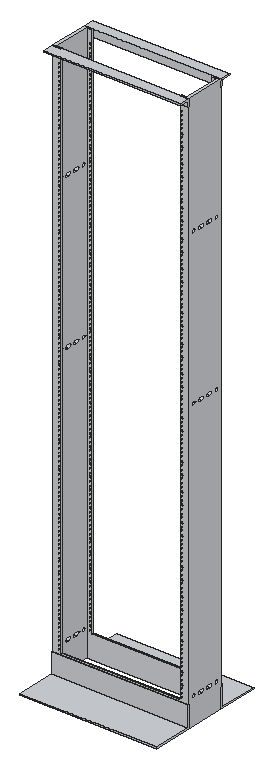
Revit family
Parameters
  Material ID = "760090134"
  Description = "6 IN (152 MM) CHANNEL x 7 FT (2134 MM) H - 19 IN (482.6 MM) STEEL EQUIPMENT RACK (45U) 3/8 SQ PUNCH, BLACK"
Reference planes (in)
  plane 1 "Center (Front/Back)": y = 0
  plane 2: z = 0
  plane 3 "Center (Left/Right)": x = 0
Forms (in)
  Extrusion 1, solid, not visible
    sketch origin (0, -14.305, 0) x (1, 0, 0) y (0, 0, 1)
      loop
        line (-8.5516, 0.86) -> (-8.5516, 0.46) -> (-7.9516, 0.46) -> (-7.9516, 0.86) -> (-8.5516, 0.86)
    from 0 to 0.77696
  Extrusion 2, solid
    sketch origin (0, 0, 0) x (1, 0, 0) y (0, 0, 1)
      loop
        line (-10.155, 30) -> (-10.155, -54) -> (10.155, -54) -> (10.155, 30) -> (0, 30) -> (-10.155, 30)
    from 0 to 6
  Extrusion 3, void
    sketch origin (0, 0, 0) x (1, 0, 0) y (0, 0, 1)
      loop
        line (-8.905, 40.855) -> (-8.905, -50.62) -> (8.905, -50.62) -> (8.905, 40.855) -> (-8.905, 40.855)
    from 0 to 36
  Extrusion 4, void
    sketch origin (0, 0, 0) x (0, 1, 0) y (0, 0, 1)
      loop
        line (-0.2, 59.72052) -> (-5.8, 59.72052) -> (-5.8, -66.46573) -> (-0.2, -66.46573) -> (-0.2, 59.72052)
    from -9.61605 to 9.71756
  Extrusion 5, solid
    sketch origin (0, 0, -24) x (0, 1, 0) y (0, 0, 1)
      loop
        line (-6, -30) -> (-6, -26.8) -> (-6.2, -26.8) -> (-6.2, -29.8) -> (-12, -29.8) -> (-12, -30) -> (-6, -30)
      loop
        line (-6, 54) -> (-7.575, 54) -> (-7.575, 53.8) -> (-6.2, 53.8) -> (-6.2, 52.94396) -> (-6, 52.94396) -> (-6, 54)
      loop
        line (0, 54) -> (0, 52.94396) -> (0.2, 52.94396) -> (0.2, 53.8) -> (1.575, 53.8) -> (1.575, 54) -> (0, 54)
      loop
        line (0, -30) -> (6, -30) -> (6, -29.8) -> (0.2, -29.8) -> (0.2, -26.8) -> (0, -26.8) -> (0, -30)
    from -10.155 to 10.155
  Extrusion 6, void
    sketch origin (0, 0, 0) x (0, 1, 0) y (0, 0, 1)
      loop
        arc (-2.5, -49.656) -> (-2.844, -50) -> (-2.5, -50.344) r 0.344
        line (-2.5, -50.344) -> (-2, -50.344)
        arc (-2, -50.344) -> (-1.656, -50) -> (-2, -49.656) r 0.344
        line (-2, -49.656) -> (-2.5, -49.656)
      loop
        circle (-0.8775, -50) r 0.335
      loop
        line (-3.5, -49.656) -> (-4, -49.656)
        arc (-4, -49.656) -> (-4.344, -50) -> (-4, -50.344) r 0.344
        line (-4, -50.344) -> (-3.5, -50.344)
        arc (-3.5, -50.344) -> (-3.156, -50) -> (-3.5, -49.656) r 0.344
      loop
        circle (-5.1225, -50) r 0.335
      loop
        arc (-2.5, -10.656) -> (-2.844, -11) -> (-2.5, -11.344) r 0.344
        line (-2.5, -11.344) -> (-2, -11.344)
        arc (-2, -11.344) -> (-1.656, -11) -> (-2, -10.656) r 0.344
        line (-2, -10.656) -> (-2.5, -10.656)
      loop
        circle (-0.8775, -11) r 0.335
      loop
        line (-3.5, -10.656) -> (-4, -10.656)
        arc (-4, -10.656) -> (-4.344, -11) -> (-4, -11.344) r 0.344
        line (-4, -11.344) -> (-3.5, -11.344)
        arc (-3.5, -11.344) -> (-3.156, -11) -> (-3.5, -10.656) r 0.344
      loop
        circle (-5.1225, -11) r 0.335
      loop
        arc (-2.5, 12.344) -> (-2.844, 12) -> (-2.5, 11.656) r 0.344
        line (-2.5, 11.656) -> (-2, 11.656)
        arc (-2, 11.656) -> (-1.656, 12) -> (-2, 12.344) r 0.344
        line (-2, 12.344) -> (-2.5, 12.344)
      loop
        circle (-0.8775, 12) r 0.335
      loop
        line (-3.5, 12.344) -> (-4, 12.344)
        arc (-4, 12.344) -> (-4.344, 12) -> (-4, 11.656) r 0.344
        line (-4, 11.656) -> (-3.5, 11.656)
        arc (-3.5, 11.656) -> (-3.156, 12) -> (-3.5, 12.344) r 0.344
      loop
        circle (-5.1225, 12) r 0.335
    from -24.88707 to 25.18322
  Extrusion 7, void
    sketch origin (0, 0, -26.25) x (1, 0, 0) y (0, 0, 1)
      loop
        line (-9.175, -22.6395) -> (-9.264, -22.6395) -> (-9.264, -22.7285) -> (-9.264, -22.8175) -> (-9.175, -22.8175) -> (-9.086, -22.8175) -> (-9.086, -22.6395) -> (-9.175, -22.6395)
      loop
        line (-9.175, -23.2645) -> (-9.264, -23.2645) -> (-9.264, -23.3535) -> (-9.264, -23.4425) -> (-9.175, -23.4425) -> (-9.086, -23.4425) -> (-9.086, -23.2645) -> (-9.175, -23.2645)
      loop
        line (-9.175, -23.8895) -> (-9.264, -23.8895) -> (-9.264, -23.9785) -> (-9.264, -24.0675) -> (-9.175, -24.0675) -> (-9.086, -24.0675) -> (-9.086, -23.8895) -> (-9.175, -23.8895)
      loop
        line (9.175, -22.6395) -> (9.086, -22.6395) -> (9.086, -22.8175) -> (9.175, -22.8175) -> (9.264, -22.8175) -> (9.264, -22.7285) -> (9.264, -22.6395) -> (9.175, -22.6395)
      loop
        line (9.175, -23.2645) -> (9.086, -23.2645) -> (9.086, -23.4425) -> (9.175, -23.4425) -> (9.264, -23.4425) -> (9.264, -23.3535) -> (9.264, -23.2645) -> (9.175, -23.2645)
      loop
        line (9.175, -23.8895) -> (9.086, -23.8895) -> (9.086, -24.0675) -> (9.175, -24.0675) -> (9.264, -24.0675) -> (9.264, -23.9785) -> (9.264, -23.8895) -> (9.175, -23.8895)
    from 0 to 36
  Extrusion 8, void
    sketch origin (0, 0, -24.5) x (1, 0, 0) y (0, 0, 1)
      loop
        line (-9.175, -22.6395) -> (-9.264, -22.6395) -> (-9.264, -22.7285) -> (-9.264, -22.8175) -> (-9.175, -22.8175) -> (-9.086, -22.8175) -> (-9.086, -22.6395) -> (-9.175, -22.6395)
      loop
        line (-9.175, -23.2645) -> (-9.264, -23.2645) -> (-9.264, -23.3535) -> (-9.264, -23.4425) -> (-9.175, -23.4425) -> (-9.086, -23.4425) -> (-9.086, -23.2645) -> (-9.175, -23.2645)
      loop
        line (-9.175, -23.8895) -> (-9.264, -23.8895) -> (-9.264, -23.9785) -> (-9.264, -24.0675) -> (-9.175, -24.0675) -> (-9.086, -24.0675) -> (-9.086, -23.8895) -> (-9.175, -23.8895)
      loop
        line (9.175, -22.6395) -> (9.086, -22.6395) -> (9.086, -22.8175) -> (9.175, -22.8175) -> (9.264, -22.8175) -> (9.264, -22.7285) -> (9.264, -22.6395) -> (9.175, -22.6395)
      loop
        line (9.175, -23.2645) -> (9.086, -23.2645) -> (9.086, -23.4425) -> (9.175, -23.4425) -> (9.264, -23.4425) -> (9.264, -23.3535) -> (9.264, -23.2645) -> (9.175, -23.2645)
      loop
        line (9.175, -23.8895) -> (9.086, -23.8895) -> (9.086, -24.0675) -> (9.175, -24.0675) -> (9.264, -24.0675) -> (9.264, -23.9785) -> (9.264, -23.8895) -> (9.175, -23.8895)
    from 0 to 36
  Extrusion 9, void
    sketch origin (0, 0, -22.75) x (1, 0, 0) y (0, 0, 1)
      loop
        line (-9.175, -22.6395) -> (-9.264, -22.6395) -> (-9.264, -22.7285) -> (-9.264, -22.8175) -> (-9.175, -22.8175) -> (-9.086, -22.8175) -> (-9.086, -22.6395) -> (-9.175, -22.6395)
      loop
        line (-9.175, -23.2645) -> (-9.264, -23.2645) -> (-9.264, -23.3535) -> (-9.264, -23.4425) -> (-9.175, -23.4425) -> (-9.086, -23.4425) -> (-9.086, -23.2645) -> (-9.175, -23.2645)
      loop
        line (-9.175, -23.8895) -> (-9.264, -23.8895) -> (-9.264, -23.9785) -> (-9.264, -24.0675) -> (-9.175, -24.0675) -> (-9.086, -24.0675) -> (-9.086, -23.8895) -> (-9.175, -23.8895)
      loop
        line (9.175, -22.6395) -> (9.086, -22.6395) -> (9.086, -22.8175) -> (9.175, -22.8175) -> (9.264, -22.8175) -> (9.264, -22.7285) -> (9.264, -22.6395) -> (9.175, -22.6395)
      loop
        line (9.175, -23.2645) -> (9.086, -23.2645) -> (9.086, -23.4425) -> (9.175, -23.4425) -> (9.264, -23.4425) -> (9.264, -23.3535) -> (9.264, -23.2645) -> (9.175, -23.2645)
      loop
        line (9.175, -23.8895) -> (9.086, -23.8895) -> (9.086, -24.0675) -> (9.175, -24.0675) -> (9.264, -24.0675) -> (9.264, -23.9785) -> (9.264, -23.8895) -> (9.175, -23.8895)
    from 0 to 36
  Extrusion 10, void
    sketch origin (0, 0, -21) x (1, 0, 0) y (0, 0, 1)
      loop
        line (-9.175, -22.6395) -> (-9.264, -22.6395) -> (-9.264, -22.7285) -> (-9.264, -22.8175) -> (-9.175, -22.8175) -> (-9.086, -22.8175) -> (-9.086, -22.6395) -> (-9.175, -22.6395)
      loop
        line (-9.175, -23.2645) -> (-9.264, -23.2645) -> (-9.264, -23.3535) -> (-9.264, -23.4425) -> (-9.175, -23.4425) -> (-9.086, -23.4425) -> (-9.086, -23.2645) -> (-9.175, -23.2645)
      loop
        line (-9.175, -23.8895) -> (-9.264, -23.8895) -> (-9.264, -23.9785) -> (-9.264, -24.0675) -> (-9.175, -24.0675) -> (-9.086, -24.0675) -> (-9.086, -23.8895) -> (-9.175, -23.8895)
      loop
        line (9.175, -22.6395) -> (9.086, -22.6395) -> (9.086, -22.8175) -> (9.175, -22.8175) -> (9.264, -22.8175) -> (9.264, -22.7285) -> (9.264, -22.6395) -> (9.175, -22.6395)
      loop
        line (9.175, -23.2645) -> (9.086, -23.2645) -> (9.086, -23.4425) -> (9.175, -23.4425) -> (9.264, -23.4425) -> (9.264, -23.3535) -> (9.264, -23.2645) -> (9.175, -23.2645)
      loop
        line (9.175, -23.8895) -> (9.086, -23.8895) -> (9.086, -24.0675) -> (9.175, -24.0675) -> (9.264, -24.0675) -> (9.264, -23.9785) -> (9.264, -23.8895) -> (9.175, -23.8895)
    from 0 to 36
  Extrusion 11, void
    sketch origin (0, 0, -19.25) x (1, 0, 0) y (0, 0, 1)
      loop
        line (-9.175, -22.6395) -> (-9.264, -22.6395) -> (-9.264, -22.7285) -> (-9.264, -22.8175) -> (-9.175, -22.8175) -> (-9.086, -22.8175) -> (-9.086, -22.6395) -> (-9.175, -22.6395)
      loop
        line (-9.175, -23.2645) -> (-9.264, -23.2645) -> (-9.264, -23.3535) -> (-9.264, -23.4425) -> (-9.175, -23.4425) -> (-9.086, -23.4425) -> (-9.086, -23.2645) -> (-9.175, -23.2645)
      loop
        line (-9.175, -23.8895) -> (-9.264, -23.8895) -> (-9.264, -23.9785) -> (-9.264, -24.0675) -> (-9.175, -24.0675) -> (-9.086, -24.0675) -> (-9.086, -23.8895) -> (-9.175, -23.8895)
      loop
        line (9.175, -22.6395) -> (9.086, -22.6395) -> (9.086, -22.8175) -> (9.175, -22.8175) -> (9.264, -22.8175) -> (9.264, -22.7285) -> (9.264, -22.6395) -> (9.175, -22.6395)
      loop
        line (9.175, -23.2645) -> (9.086, -23.2645) -> (9.086, -23.4425) -> (9.175, -23.4425) -> (9.264, -23.4425) -> (9.264, -23.3535) -> (9.264, -23.2645) -> (9.175, -23.2645)
      loop
        line (9.175, -23.8895) -> (9.086, -23.8895) -> (9.086, -24.0675) -> (9.175, -24.0675) -> (9.264, -24.0675) -> (9.264, -23.9785) -> (9.264, -23.8895) -> (9.175, -23.8895)
    from 0 to 36
  Extrusion 12, void
    sketch origin (0, 0, -17.5) x (1, 0, 0) y (0, 0, 1)
      loop
        line (-9.175, -22.6395) -> (-9.264, -22.6395) -> (-9.264, -22.7285) -> (-9.264, -22.8175) -> (-9.175, -22.8175) -> (-9.086, -22.8175) -> (-9.086, -22.6395) -> (-9.175, -22.6395)
      loop
        line (-9.175, -23.2645) -> (-9.264, -23.2645) -> (-9.264, -23.3535) -> (-9.264, -23.4425) -> (-9.175, -23.4425) -> (-9.086, -23.4425) -> (-9.086, -23.2645) -> (-9.175, -23.2645)
      loop
        line (-9.175, -23.8895) -> (-9.264, -23.8895) -> (-9.264, -23.9785) -> (-9.264, -24.0675) -> (-9.175, -24.0675) -> (-9.086, -24.0675) -> (-9.086, -23.8895) -> (-9.175, -23.8895)
      loop
        line (9.175, -22.6395) -> (9.086, -22.6395) -> (9.086, -22.8175) -> (9.175, -22.8175) -> (9.264, -22.8175) -> (9.264, -22.7285) -> (9.264, -22.6395) -> (9.175, -22.6395)
      loop
        line (9.175, -23.2645) -> (9.086, -23.2645) -> (9.086, -23.4425) -> (9.175, -23.4425) -> (9.264, -23.4425) -> (9.264, -23.3535) -> (9.264, -23.2645) -> (9.175, -23.2645)
      loop
        line (9.175, -23.8895) -> (9.086, -23.8895) -> (9.086, -24.0675) -> (9.175, -24.0675) -> (9.264, -24.0675) -> (9.264, -23.9785) -> (9.264, -23.8895) -> (9.175, -23.8895)
    from 0 to 36
  Extrusion 13, void
    sketch origin (0, 0, -15.75) x (1, 0, 0) y (0, 0, 1)
      loop
        line (-9.175, -22.6395) -> (-9.264, -22.6395) -> (-9.264, -22.7285) -> (-9.264, -22.8175) -> (-9.175, -22.8175) -> (-9.086, -22.8175) -> (-9.086, -22.6395) -> (-9.175, -22.6395)
      loop
        line (-9.175, -23.2645) -> (-9.264, -23.2645) -> (-9.264, -23.3535) -> (-9.264, -23.4425) -> (-9.175, -23.4425) -> (-9.086, -23.4425) -> (-9.086, -23.2645) -> (-9.175, -23.2645)
      loop
        line (-9.175, -23.8895) -> (-9.264, -23.8895) -> (-9.264, -23.9785) -> (-9.264, -24.0675) -> (-9.175, -24.0675) -> (-9.086, -24.0675) -> (-9.086, -23.8895) -> (-9.175, -23.8895)
      loop
        line (9.175, -22.6395) -> (9.086, -22.6395) -> (9.086, -22.8175) -> (9.175, -22.8175) -> (9.264, -22.8175) -> (9.264, -22.7285) -> (9.264, -22.6395) -> (9.175, -22.6395)
      loop
        line (9.175, -23.2645) -> (9.086, -23.2645) -> (9.086, -23.4425) -> (9.175, -23.4425) -> (9.264, -23.4425) -> (9.264, -23.3535) -> (9.264, -23.2645) -> (9.175, -23.2645)
      loop
        line (9.175, -23.8895) -> (9.086, -23.8895) -> (9.086, -24.0675) -> (9.175, -24.0675) -> (9.264, -24.0675) -> (9.264, -23.9785) -> (9.264, -23.8895) -> (9.175, -23.8895)
    from 0 to 36
  Extrusion 14, void
    sketch origin (0, 0, -14) x (1, 0, 0) y (0, 0, 1)
      loop
        line (-9.175, -22.6395) -> (-9.264, -22.6395) -> (-9.264, -22.7285) -> (-9.264, -22.8175) -> (-9.175, -22.8175) -> (-9.086, -22.8175) -> (-9.086, -22.6395) -> (-9.175, -22.6395)
      loop
        line (-9.175, -23.2645) -> (-9.264, -23.2645) -> (-9.264, -23.3535) -> (-9.264, -23.4425) -> (-9.175, -23.4425) -> (-9.086, -23.4425) -> (-9.086, -23.2645) -> (-9.175, -23.2645)
      loop
        line (-9.175, -23.8895) -> (-9.264, -23.8895) -> (-9.264, -23.9785) -> (-9.264, -24.0675) -> (-9.175, -24.0675) -> (-9.086, -24.0675) -> (-9.086, -23.8895) -> (-9.175, -23.8895)
      loop
        line (9.175, -22.6395) -> (9.086, -22.6395) -> (9.086, -22.8175) -> (9.175, -22.8175) -> (9.264, -22.8175) -> (9.264, -22.7285) -> (9.264, -22.6395) -> (9.175, -22.6395)
      loop
        line (9.175, -23.2645) -> (9.086, -23.2645) -> (9.086, -23.4425) -> (9.175, -23.4425) -> (9.264, -23.4425) -> (9.264, -23.3535) -> (9.264, -23.2645) -> (9.175, -23.2645)
      loop
        line (9.175, -23.8895) -> (9.086, -23.8895) -> (9.086, -24.0675) -> (9.175, -24.0675) -> (9.264, -24.0675) -> (9.264, -23.9785) -> (9.264, -23.8895) -> (9.175, -23.8895)
    from 0 to 36
  Extrusion 15, void
    sketch origin (0, 0, -12.25) x (1, 0, 0) y (0, 0, 1)
      loop
        line (-9.175, -22.6395) -> (-9.264, -22.6395) -> (-9.264, -22.7285) -> (-9.264, -22.8175) -> (-9.175, -22.8175) -> (-9.086, -22.8175) -> (-9.086, -22.6395) -> (-9.175, -22.6395)
      loop
        line (-9.175, -23.2645) -> (-9.264, -23.2645) -> (-9.264, -23.3535) -> (-9.264, -23.4425) -> (-9.175, -23.4425) -> (-9.086, -23.4425) -> (-9.086, -23.2645) -> (-9.175, -23.2645)
      loop
        line (-9.175, -23.8895) -> (-9.264, -23.8895) -> (-9.264, -23.9785) -> (-9.264, -24.0675) -> (-9.175, -24.0675) -> (-9.086, -24.0675) -> (-9.086, -23.8895) -> (-9.175, -23.8895)
      loop
        line (9.175, -22.6395) -> (9.086, -22.6395) -> (9.086, -22.8175) -> (9.175, -22.8175) -> (9.264, -22.8175) -> (9.264, -22.7285) -> (9.264, -22.6395) -> (9.175, -22.6395)
      loop
        line (9.175, -23.2645) -> (9.086, -23.2645) -> (9.086, -23.4425) -> (9.175, -23.4425) -> (9.264, -23.4425) -> (9.264, -23.3535) -> (9.264, -23.2645) -> (9.175, -23.2645)
      loop
        line (9.175, -23.8895) -> (9.086, -23.8895) -> (9.086, -24.0675) -> (9.175, -24.0675) -> (9.264, -24.0675) -> (9.264, -23.9785) -> (9.264, -23.8895) -> (9.175, -23.8895)
    from 0 to 36
  Extrusion 16, void
    sketch origin (0, 0, -10.5) x (1, 0, 0) y (0, 0, 1)
      loop
        line (-9.175, -22.6395) -> (-9.264, -22.6395) -> (-9.264, -22.7285) -> (-9.264, -22.8175) -> (-9.175, -22.8175) -> (-9.086, -22.8175) -> (-9.086, -22.6395) -> (-9.175, -22.6395)
      loop
        line (-9.175, -23.2645) -> (-9.264, -23.2645) -> (-9.264, -23.3535) -> (-9.264, -23.4425) -> (-9.175, -23.4425) -> (-9.086, -23.4425) -> (-9.086, -23.2645) -> (-9.175, -23.2645)
      loop
        line (-9.175, -23.8895) -> (-9.264, -23.8895) -> (-9.264, -23.9785) -> (-9.264, -24.0675) -> (-9.175, -24.0675) -> (-9.086, -24.0675) -> (-9.086, -23.8895) -> (-9.175, -23.8895)
      loop
        line (9.175, -22.6395) -> (9.086, -22.6395) -> (9.086, -22.8175) -> (9.175, -22.8175) -> (9.264, -22.8175) -> (9.264, -22.7285) -> (9.264, -22.6395) -> (9.175, -22.6395)
      loop
        line (9.175, -23.2645) -> (9.086, -23.2645) -> (9.086, -23.4425) -> (9.175, -23.4425) -> (9.264, -23.4425) -> (9.264, -23.3535) -> (9.264, -23.2645) -> (9.175, -23.2645)
      loop
        line (9.175, -23.8895) -> (9.086, -23.8895) -> (9.086, -24.0675) -> (9.175, -24.0675) -> (9.264, -24.0675) -> (9.264, -23.9785) -> (9.264, -23.8895) -> (9.175, -23.8895)
    from 0 to 36
  Extrusion 17, void
    sketch origin (0, 0, -8.75) x (1, 0, 0) y (0, 0, 1)
      loop
        line (-9.175, -22.6395) -> (-9.264, -22.6395) -> (-9.264, -22.7285) -> (-9.264, -22.8175) -> (-9.175, -22.8175) -> (-9.086, -22.8175) -> (-9.086, -22.6395) -> (-9.175, -22.6395)
      loop
        line (-9.175, -23.2645) -> (-9.264, -23.2645) -> (-9.264, -23.3535) -> (-9.264, -23.4425) -> (-9.175, -23.4425) -> (-9.086, -23.4425) -> (-9.086, -23.2645) -> (-9.175, -23.2645)
      loop
        line (-9.175, -23.8895) -> (-9.264, -23.8895) -> (-9.264, -23.9785) -> (-9.264, -24.0675) -> (-9.175, -24.0675) -> (-9.086, -24.0675) -> (-9.086, -23.8895) -> (-9.175, -23.8895)
      loop
        line (9.175, -22.6395) -> (9.086, -22.6395) -> (9.086, -22.8175) -> (9.175, -22.8175) -> (9.264, -22.8175) -> (9.264, -22.7285) -> (9.264, -22.6395) -> (9.175, -22.6395)
      loop
        line (9.175, -23.2645) -> (9.086, -23.2645) -> (9.086, -23.4425) -> (9.175, -23.4425) -> (9.264, -23.4425) -> (9.264, -23.3535) -> (9.264, -23.2645) -> (9.175, -23.2645)
      loop
        line (9.175, -23.8895) -> (9.086, -23.8895) -> (9.086, -24.0675) -> (9.175, -24.0675) -> (9.264, -24.0675) -> (9.264, -23.9785) -> (9.264, -23.8895) -> (9.175, -23.8895)
    from 0 to 36
  Extrusion 18, void
    sketch origin (0, 0, -7) x (1, 0, 0) y (0, 0, 1)
      loop
        line (-9.175, -22.6395) -> (-9.264, -22.6395) -> (-9.264, -22.7285) -> (-9.264, -22.8175) -> (-9.175, -22.8175) -> (-9.086, -22.8175) -> (-9.086, -22.6395) -> (-9.175, -22.6395)
      loop
        line (-9.175, -23.2645) -> (-9.264, -23.2645) -> (-9.264, -23.3535) -> (-9.264, -23.4425) -> (-9.175, -23.4425) -> (-9.086, -23.4425) -> (-9.086, -23.2645) -> (-9.175, -23.2645)
      loop
        line (-9.175, -23.8895) -> (-9.264, -23.8895) -> (-9.264, -23.9785) -> (-9.264, -24.0675) -> (-9.175, -24.0675) -> (-9.086, -24.0675) -> (-9.086, -23.8895) -> (-9.175, -23.8895)
      loop
        line (9.175, -22.6395) -> (9.086, -22.6395) -> (9.086, -22.8175) -> (9.175, -22.8175) -> (9.264, -22.8175) -> (9.264, -22.7285) -> (9.264, -22.6395) -> (9.175, -22.6395)
      loop
        line (9.175, -23.2645) -> (9.086, -23.2645) -> (9.086, -23.4425) -> (9.175, -23.4425) -> (9.264, -23.4425) -> (9.264, -23.3535) -> (9.264, -23.2645) -> (9.175, -23.2645)
      loop
        line (9.175, -23.8895) -> (9.086, -23.8895) -> (9.086, -24.0675) -> (9.175, -24.0675) -> (9.264, -24.0675) -> (9.264, -23.9785) -> (9.264, -23.8895) -> (9.175, -23.8895)
    from 0 to 36
  Extrusion 19, void
    sketch origin (0, 0, -5.25) x (1, 0, 0) y (0, 0, 1)
      loop
        line (-9.175, -22.6395) -> (-9.264, -22.6395) -> (-9.264, -22.7285) -> (-9.264, -22.8175) -> (-9.175, -22.8175) -> (-9.086, -22.8175) -> (-9.086, -22.6395) -> (-9.175, -22.6395)
      loop
        line (-9.175, -23.2645) -> (-9.264, -23.2645) -> (-9.264, -23.3535) -> (-9.264, -23.4425) -> (-9.175, -23.4425) -> (-9.086, -23.4425) -> (-9.086, -23.2645) -> (-9.175, -23.2645)
      loop
        line (-9.175, -23.8895) -> (-9.264, -23.8895) -> (-9.264, -23.9785) -> (-9.264, -24.0675) -> (-9.175, -24.0675) -> (-9.086, -24.0675) -> (-9.086, -23.8895) -> (-9.175, -23.8895)
      loop
        line (9.175, -22.6395) -> (9.086, -22.6395) -> (9.086, -22.8175) -> (9.175, -22.8175) -> (9.264, -22.8175) -> (9.264, -22.7285) -> (9.264, -22.6395) -> (9.175, -22.6395)
      loop
        line (9.175, -23.2645) -> (9.086, -23.2645) -> (9.086, -23.4425) -> (9.175, -23.4425) -> (9.264, -23.4425) -> (9.264, -23.3535) -> (9.264, -23.2645) -> (9.175, -23.2645)
      loop
        line (9.175, -23.8895) -> (9.086, -23.8895) -> (9.086, -24.0675) -> (9.175, -24.0675) -> (9.264, -24.0675) -> (9.264, -23.9785) -> (9.264, -23.8895) -> (9.175, -23.8895)
    from 0 to 36
  Extrusion 20, void
    sketch origin (0, 0, -3.5) x (1, 0, 0) y (0, 0, 1)
      loop
        line (-9.175, -22.6395) -> (-9.264, -22.6395) -> (-9.264, -22.7285) -> (-9.264, -22.8175) -> (-9.175, -22.8175) -> (-9.086, -22.8175) -> (-9.086, -22.6395) -> (-9.175, -22.6395)
      loop
        line (-9.175, -23.2645) -> (-9.264, -23.2645) -> (-9.264, -23.3535) -> (-9.264, -23.4425) -> (-9.175, -23.4425) -> (-9.086, -23.4425) -> (-9.086, -23.2645) -> (-9.175, -23.2645)
      loop
        line (-9.175, -23.8895) -> (-9.264, -23.8895) -> (-9.264, -23.9785) -> (-9.264, -24.0675) -> (-9.175, -24.0675) -> (-9.086, -24.0675) -> (-9.086, -23.8895) -> (-9.175, -23.8895)
      loop
        line (9.175, -22.6395) -> (9.086, -22.6395) -> (9.086, -22.8175) -> (9.175, -22.8175) -> (9.264, -22.8175) -> (9.264, -22.7285) -> (9.264, -22.6395) -> (9.175, -22.6395)
      loop
        line (9.175, -23.2645) -> (9.086, -23.2645) -> (9.086, -23.4425) -> (9.175, -23.4425) -> (9.264, -23.4425) -> (9.264, -23.3535) -> (9.264, -23.2645) -> (9.175, -23.2645)
      loop
        line (9.175, -23.8895) -> (9.086, -23.8895) -> (9.086, -24.0675) -> (9.175, -24.0675) -> (9.264, -24.0675) -> (9.264, -23.9785) -> (9.264, -23.8895) -> (9.175, -23.8895)
    from 0 to 36
  Extrusion 21, void
    sketch origin (0, 0, -1.75) x (1, 0, 0) y (0, 0, 1)
      loop
        line (-9.175, -22.6395) -> (-9.264, -22.6395) -> (-9.264, -22.7285) -> (-9.264, -22.8175) -> (-9.175, -22.8175) -> (-9.086, -22.8175) -> (-9.086, -22.6395) -> (-9.175, -22.6395)
      loop
        line (-9.175, -23.2645) -> (-9.264, -23.2645) -> (-9.264, -23.3535) -> (-9.264, -23.4425) -> (-9.175, -23.4425) -> (-9.086, -23.4425) -> (-9.086, -23.2645) -> (-9.175, -23.2645)
      loop
        line (-9.175, -23.8895) -> (-9.264, -23.8895) -> (-9.264, -23.9785) -> (-9.264, -24.0675) -> (-9.175, -24.0675) -> (-9.086, -24.0675) -> (-9.086, -23.8895) -> (-9.175, -23.8895)
      loop
        line (9.175, -22.6395) -> (9.086, -22.6395) -> (9.086, -22.8175) -> (9.175, -22.8175) -> (9.264, -22.8175) -> (9.264, -22.7285) -> (9.264, -22.6395) -> (9.175, -22.6395)
      loop
        line (9.175, -23.2645) -> (9.086, -23.2645) -> (9.086, -23.4425) -> (9.175, -23.4425) -> (9.264, -23.4425) -> (9.264, -23.3535) -> (9.264, -23.2645) -> (9.175, -23.2645)
      loop
        line (9.175, -23.8895) -> (9.086, -23.8895) -> (9.086, -24.0675) -> (9.175, -24.0675) -> (9.264, -24.0675) -> (9.264, -23.9785) -> (9.264, -23.8895) -> (9.175, -23.8895)
    from 0 to 36
  Extrusion 22, void
    sketch origin (0, 0, 0) x (1, 0, 0) y (0, 0, 1)
      loop
        line (-9.175, -22.6395) -> (-9.264, -22.6395) -> (-9.264, -22.7285) -> (-9.264, -22.8175) -> (-9.175, -22.8175) -> (-9.086, -22.8175) -> (-9.086, -22.6395) -> (-9.175, -22.6395)
      loop
        line (-9.175, -23.2645) -> (-9.264, -23.2645) -> (-9.264, -23.3535) -> (-9.264, -23.4425) -> (-9.175, -23.4425) -> (-9.086, -23.4425) -> (-9.086, -23.2645) -> (-9.175, -23.2645)
      loop
        line (-9.175, -23.8895) -> (-9.264, -23.8895) -> (-9.264, -23.9785) -> (-9.264, -24.0675) -> (-9.175, -24.0675) -> (-9.086, -24.0675) -> (-9.086, -23.8895) -> (-9.175, -23.8895)
      loop
        line (9.175, -22.6395) -> (9.086, -22.6395) -> (9.086, -22.8175) -> (9.175, -22.8175) -> (9.264, -22.8175) -> (9.264, -22.7285) -> (9.264, -22.6395) -> (9.175, -22.6395)
      loop
        line (9.175, -23.2645) -> (9.086, -23.2645) -> (9.086, -23.4425) -> (9.175, -23.4425) -> (9.264, -23.4425) -> (9.264, -23.3535) -> (9.264, -23.2645) -> (9.175, -23.2645)
      loop
        line (9.175, -23.8895) -> (9.086, -23.8895) -> (9.086, -24.0675) -> (9.175, -24.0675) -> (9.264, -24.0675) -> (9.264, -23.9785) -> (9.264, -23.8895) -> (9.175, -23.8895)
    from 0 to 36
  Extrusion 23, void
    sketch origin (0, 0, 1.75) x (1, 0, 0) y (0, 0, 1)
      loop
        line (-9.175, -22.6395) -> (-9.264, -22.6395) -> (-9.264, -22.7285) -> (-9.264, -22.8175) -> (-9.175, -22.8175) -> (-9.086, -22.8175) -> (-9.086, -22.6395) -> (-9.175, -22.6395)
      loop
        line (-9.175, -23.2645) -> (-9.264, -23.2645) -> (-9.264, -23.3535) -> (-9.264, -23.4425) -> (-9.175, -23.4425) -> (-9.086, -23.4425) -> (-9.086, -23.2645) -> (-9.175, -23.2645)
      loop
        line (-9.175, -23.8895) -> (-9.264, -23.8895) -> (-9.264, -23.9785) -> (-9.264, -24.0675) -> (-9.175, -24.0675) -> (-9.086, -24.0675) -> (-9.086, -23.8895) -> (-9.175, -23.8895)
      loop
        line (9.175, -22.6395) -> (9.086, -22.6395) -> (9.086, -22.8175) -> (9.175, -22.8175) -> (9.264, -22.8175) -> (9.264, -22.7285) -> (9.264, -22.6395) -> (9.175, -22.6395)
      loop
        line (9.175, -23.2645) -> (9.086, -23.2645) -> (9.086, -23.4425) -> (9.175, -23.4425) -> (9.264, -23.4425) -> (9.264, -23.3535) -> (9.264, -23.2645) -> (9.175, -23.2645)
      loop
        line (9.175, -23.8895) -> (9.086, -23.8895) -> (9.086, -24.0675) -> (9.175, -24.0675) -> (9.264, -24.0675) -> (9.264, -23.9785) -> (9.264, -23.8895) -> (9.175, -23.8895)
    from 0 to 36
  Extrusion 24, void
    sketch origin (0, 0, 3.5) x (1, 0, 0) y (0, 0, 1)
      loop
        line (-9.175, -22.6395) -> (-9.264, -22.6395) -> (-9.264, -22.7285) -> (-9.264, -22.8175) -> (-9.175, -22.8175) -> (-9.086, -22.8175) -> (-9.086, -22.6395) -> (-9.175, -22.6395)
      loop
        line (-9.175, -23.2645) -> (-9.264, -23.2645) -> (-9.264, -23.3535) -> (-9.264, -23.4425) -> (-9.175, -23.4425) -> (-9.086, -23.4425) -> (-9.086, -23.2645) -> (-9.175, -23.2645)
      loop
        line (-9.175, -23.8895) -> (-9.264, -23.8895) -> (-9.264, -23.9785) -> (-9.264, -24.0675) -> (-9.175, -24.0675) -> (-9.086, -24.0675) -> (-9.086, -23.8895) -> (-9.175, -23.8895)
      loop
        line (9.175, -22.6395) -> (9.086, -22.6395) -> (9.086, -22.8175) -> (9.175, -22.8175) -> (9.264, -22.8175) -> (9.264, -22.7285) -> (9.264, -22.6395) -> (9.175, -22.6395)
      loop
        line (9.175, -23.2645) -> (9.086, -23.2645) -> (9.086, -23.4425) -> (9.175, -23.4425) -> (9.264, -23.4425) -> (9.264, -23.3535) -> (9.264, -23.2645) -> (9.175, -23.2645)
      loop
        line (9.175, -23.8895) -> (9.086, -23.8895) -> (9.086, -24.0675) -> (9.175, -24.0675) -> (9.264, -24.0675) -> (9.264, -23.9785) -> (9.264, -23.8895) -> (9.175, -23.8895)
    from 0 to 36
  Extrusion 25, void
    sketch origin (0, 0, 5.25) x (1, 0, 0) y (0, 0, 1)
      loop
        line (-9.175, -22.6395) -> (-9.264, -22.6395) -> (-9.264, -22.7285) -> (-9.264, -22.8175) -> (-9.175, -22.8175) -> (-9.086, -22.8175) -> (-9.086, -22.6395) -> (-9.175, -22.6395)
      loop
        line (-9.175, -23.2645) -> (-9.264, -23.2645) -> (-9.264, -23.3535) -> (-9.264, -23.4425) -> (-9.175, -23.4425) -> (-9.086, -23.4425) -> (-9.086, -23.2645) -> (-9.175, -23.2645)
      loop
        line (-9.175, -23.8895) -> (-9.264, -23.8895) -> (-9.264, -23.9785) -> (-9.264, -24.0675) -> (-9.175, -24.0675) -> (-9.086, -24.0675) -> (-9.086, -23.8895) -> (-9.175, -23.8895)
      loop
        line (9.175, -22.6395) -> (9.086, -22.6395) -> (9.086, -22.8175) -> (9.175, -22.8175) -> (9.264, -22.8175) -> (9.264, -22.7285) -> (9.264, -22.6395) -> (9.175, -22.6395)
      loop
        line (9.175, -23.2645) -> (9.086, -23.2645) -> (9.086, -23.4425) -> (9.175, -23.4425) -> (9.264, -23.4425) -> (9.264, -23.3535) -> (9.264, -23.2645) -> (9.175, -23.2645)
      loop
        line (9.175, -23.8895) -> (9.086, -23.8895) -> (9.086, -24.0675) -> (9.175, -24.0675) -> (9.264, -24.0675) -> (9.264, -23.9785) -> (9.264, -23.8895) -> (9.175, -23.8895)
    from 0 to 36
  Extrusion 26, void
    sketch origin (0, 0, 7) x (1, 0, 0) y (0, 0, 1)
      loop
        line (-9.175, -22.6395) -> (-9.264, -22.6395) -> (-9.264, -22.7285) -> (-9.264, -22.8175) -> (-9.175, -22.8175) -> (-9.086, -22.8175) -> (-9.086, -22.6395) -> (-9.175, -22.6395)
      loop
        line (-9.175, -23.2645) -> (-9.264, -23.2645) -> (-9.264, -23.3535) -> (-9.264, -23.4425) -> (-9.175, -23.4425) -> (-9.086, -23.4425) -> (-9.086, -23.2645) -> (-9.175, -23.2645)
      loop
        line (-9.175, -23.8895) -> (-9.264, -23.8895) -> (-9.264, -23.9785) -> (-9.264, -24.0675) -> (-9.175, -24.0675) -> (-9.086, -24.0675) -> (-9.086, -23.8895) -> (-9.175, -23.8895)
      loop
        line (9.175, -22.6395) -> (9.086, -22.6395) -> (9.086, -22.8175) -> (9.175, -22.8175) -> (9.264, -22.8175) -> (9.264, -22.7285) -> (9.264, -22.6395) -> (9.175, -22.6395)
      loop
        line (9.175, -23.2645) -> (9.086, -23.2645) -> (9.086, -23.4425) -> (9.175, -23.4425) -> (9.264, -23.4425) -> (9.264, -23.3535) -> (9.264, -23.2645) -> (9.175, -23.2645)
      loop
        line (9.175, -23.8895) -> (9.086, -23.8895) -> (9.086, -24.0675) -> (9.175, -24.0675) -> (9.264, -24.0675) -> (9.264, -23.9785) -> (9.264, -23.8895) -> (9.175, -23.8895)
    from 0 to 36
  Extrusion 27, void
    sketch origin (0, 0, 8.75) x (1, 0, 0) y (0, 0, 1)
      loop
        line (-9.175, -22.6395) -> (-9.264, -22.6395) -> (-9.264, -22.7285) -> (-9.264, -22.8175) -> (-9.175, -22.8175) -> (-9.086, -22.8175) -> (-9.086, -22.6395) -> (-9.175, -22.6395)
      loop
        line (-9.175, -23.2645) -> (-9.264, -23.2645) -> (-9.264, -23.3535) -> (-9.264, -23.4425) -> (-9.175, -23.4425) -> (-9.086, -23.4425) -> (-9.086, -23.2645) -> (-9.175, -23.2645)
      loop
        line (-9.175, -23.8895) -> (-9.264, -23.8895) -> (-9.264, -23.9785) -> (-9.264, -24.0675) -> (-9.175, -24.0675) -> (-9.086, -24.0675) -> (-9.086, -23.8895) -> (-9.175, -23.8895)
      loop
        line (9.175, -22.6395) -> (9.086, -22.6395) -> (9.086, -22.8175) -> (9.175, -22.8175) -> (9.264, -22.8175) -> (9.264, -22.7285) -> (9.264, -22.6395) -> (9.175, -22.6395)
      loop
        line (9.175, -23.2645) -> (9.086, -23.2645) -> (9.086, -23.4425) -> (9.175, -23.4425) -> (9.264, -23.4425) -> (9.264, -23.3535) -> (9.264, -23.2645) -> (9.175, -23.2645)
      loop
        line (9.175, -23.8895) -> (9.086, -23.8895) -> (9.086, -24.0675) -> (9.175, -24.0675) -> (9.264, -24.0675) -> (9.264, -23.9785) -> (9.264, -23.8895) -> (9.175, -23.8895)
    from 0 to 36
  Extrusion 28, void
    sketch origin (0, 0, 10.5) x (1, 0, 0) y (0, 0, 1)
      loop
        line (-9.175, -22.6395) -> (-9.264, -22.6395) -> (-9.264, -22.7285) -> (-9.264, -22.8175) -> (-9.175, -22.8175) -> (-9.086, -22.8175) -> (-9.086, -22.6395) -> (-9.175, -22.6395)
      loop
        line (-9.175, -23.2645) -> (-9.264, -23.2645) -> (-9.264, -23.3535) -> (-9.264, -23.4425) -> (-9.175, -23.4425) -> (-9.086, -23.4425) -> (-9.086, -23.2645) -> (-9.175, -23.2645)
      loop
        line (-9.175, -23.8895) -> (-9.264, -23.8895) -> (-9.264, -23.9785) -> (-9.264, -24.0675) -> (-9.175, -24.0675) -> (-9.086, -24.0675) -> (-9.086, -23.8895) -> (-9.175, -23.8895)
      loop
        line (9.175, -22.6395) -> (9.086, -22.6395) -> (9.086, -22.8175) -> (9.175, -22.8175) -> (9.264, -22.8175) -> (9.264, -22.7285) -> (9.264, -22.6395) -> (9.175, -22.6395)
      loop
        line (9.175, -23.2645) -> (9.086, -23.2645) -> (9.086, -23.4425) -> (9.175, -23.4425) -> (9.264, -23.4425) -> (9.264, -23.3535) -> (9.264, -23.2645) -> (9.175, -23.2645)
      loop
        line (9.175, -23.8895) -> (9.086, -23.8895) -> (9.086, -24.0675) -> (9.175, -24.0675) -> (9.264, -24.0675) -> (9.264, -23.9785) -> (9.264, -23.8895) -> (9.175, -23.8895)
    from 0 to 36
  Extrusion 29, void
    sketch origin (0, 0, 12.25) x (1, 0, 0) y (0, 0, 1)
      loop
        line (-9.175, -22.6395) -> (-9.264, -22.6395) -> (-9.264, -22.7285) -> (-9.264, -22.8175) -> (-9.175, -22.8175) -> (-9.086, -22.8175) -> (-9.086, -22.6395) -> (-9.175, -22.6395)
      loop
        line (-9.175, -23.2645) -> (-9.264, -23.2645) -> (-9.264, -23.3535) -> (-9.264, -23.4425) -> (-9.175, -23.4425) -> (-9.086, -23.4425) -> (-9.086, -23.2645) -> (-9.175, -23.2645)
      loop
        line (-9.175, -23.8895) -> (-9.264, -23.8895) -> (-9.264, -23.9785) -> (-9.264, -24.0675) -> (-9.175, -24.0675) -> (-9.086, -24.0675) -> (-9.086, -23.8895) -> (-9.175, -23.8895)
      loop
        line (9.175, -22.6395) -> (9.086, -22.6395) -> (9.086, -22.8175) -> (9.175, -22.8175) -> (9.264, -22.8175) -> (9.264, -22.7285) -> (9.264, -22.6395) -> (9.175, -22.6395)
      loop
        line (9.175, -23.2645) -> (9.086, -23.2645) -> (9.086, -23.4425) -> (9.175, -23.4425) -> (9.264, -23.4425) -> (9.264, -23.3535) -> (9.264, -23.2645) -> (9.175, -23.2645)
      loop
        line (9.175, -23.8895) -> (9.086, -23.8895) -> (9.086, -24.0675) -> (9.175, -24.0675) -> (9.264, -24.0675) -> (9.264, -23.9785) -> (9.264, -23.8895) -> (9.175, -23.8895)
    from 0 to 36
  Extrusion 30, void
    sketch origin (0, 0, 14) x (1, 0, 0) y (0, 0, 1)
      loop
        line (-9.175, -22.6395) -> (-9.264, -22.6395) -> (-9.264, -22.7285) -> (-9.264, -22.8175) -> (-9.175, -22.8175) -> (-9.086, -22.8175) -> (-9.086, -22.6395) -> (-9.175, -22.6395)
      loop
        line (-9.175, -23.2645) -> (-9.264, -23.2645) -> (-9.264, -23.3535) -> (-9.264, -23.4425) -> (-9.175, -23.4425) -> (-9.086, -23.4425) -> (-9.086, -23.2645) -> (-9.175, -23.2645)
      loop
        line (-9.175, -23.8895) -> (-9.264, -23.8895) -> (-9.264, -23.9785) -> (-9.264, -24.0675) -> (-9.175, -24.0675) -> (-9.086, -24.0675) -> (-9.086, -23.8895) -> (-9.175, -23.8895)
      loop
        line (9.175, -22.6395) -> (9.086, -22.6395) -> (9.086, -22.8175) -> (9.175, -22.8175) -> (9.264, -22.8175) -> (9.264, -22.7285) -> (9.264, -22.6395) -> (9.175, -22.6395)
      loop
        line (9.175, -23.2645) -> (9.086, -23.2645) -> (9.086, -23.4425) -> (9.175, -23.4425) -> (9.264, -23.4425) -> (9.264, -23.3535) -> (9.264, -23.2645) -> (9.175, -23.2645)
      loop
        line (9.175, -23.8895) -> (9.086, -23.8895) -> (9.086, -24.0675) -> (9.175, -24.0675) -> (9.264, -24.0675) -> (9.264, -23.9785) -> (9.264, -23.8895) -> (9.175, -23.8895)
    from 0 to 36
  Extrusion 31, void
    sketch origin (0, 0, 15.75) x (1, 0, 0) y (0, 0, 1)
      loop
        line (-9.175, -22.6395) -> (-9.264, -22.6395) -> (-9.264, -22.7285) -> (-9.264, -22.8175) -> (-9.175, -22.8175) -> (-9.086, -22.8175) -> (-9.086, -22.6395) -> (-9.175, -22.6395)
      loop
        line (-9.175, -23.2645) -> (-9.264, -23.2645) -> (-9.264, -23.3535) -> (-9.264, -23.4425) -> (-9.175, -23.4425) -> (-9.086, -23.4425) -> (-9.086, -23.2645) -> (-9.175, -23.2645)
      loop
        line (-9.175, -23.8895) -> (-9.264, -23.8895) -> (-9.264, -23.9785) -> (-9.264, -24.0675) -> (-9.175, -24.0675) -> (-9.086, -24.0675) -> (-9.086, -23.8895) -> (-9.175, -23.8895)
      loop
        line (9.175, -22.6395) -> (9.086, -22.6395) -> (9.086, -22.8175) -> (9.175, -22.8175) -> (9.264, -22.8175) -> (9.264, -22.7285) -> (9.264, -22.6395) -> (9.175, -22.6395)
      loop
        line (9.175, -23.2645) -> (9.086, -23.2645) -> (9.086, -23.4425) -> (9.175, -23.4425) -> (9.264, -23.4425) -> (9.264, -23.3535) -> (9.264, -23.2645) -> (9.175, -23.2645)
      loop
        line (9.175, -23.8895) -> (9.086, -23.8895) -> (9.086, -24.0675) -> (9.175, -24.0675) -> (9.264, -24.0675) -> (9.264, -23.9785) -> (9.264, -23.8895) -> (9.175, -23.8895)
    from 0 to 36
  Extrusion 32, void
    sketch origin (0, 0, 17.5) x (1, 0, 0) y (0, 0, 1)
      loop
        line (-9.175, -22.6395) -> (-9.264, -22.6395) -> (-9.264, -22.7285) -> (-9.264, -22.8175) -> (-9.175, -22.8175) -> (-9.086, -22.8175) -> (-9.086, -22.6395) -> (-9.175, -22.6395)
      loop
        line (-9.175, -23.2645) -> (-9.264, -23.2645) -> (-9.264, -23.3535) -> (-9.264, -23.4425) -> (-9.175, -23.4425) -> (-9.086, -23.4425) -> (-9.086, -23.2645) -> (-9.175, -23.2645)
      loop
        line (-9.175, -23.8895) -> (-9.264, -23.8895) -> (-9.264, -23.9785) -> (-9.264, -24.0675) -> (-9.175, -24.0675) -> (-9.086, -24.0675) -> (-9.086, -23.8895) -> (-9.175, -23.8895)
      loop
        line (9.175, -22.6395) -> (9.086, -22.6395) -> (9.086, -22.8175) -> (9.175, -22.8175) -> (9.264, -22.8175) -> (9.264, -22.7285) -> (9.264, -22.6395) -> (9.175, -22.6395)
      loop
        line (9.175, -23.2645) -> (9.086, -23.2645) -> (9.086, -23.4425) -> (9.175, -23.4425) -> (9.264, -23.4425) -> (9.264, -23.3535) -> (9.264, -23.2645) -> (9.175, -23.2645)
      loop
        line (9.175, -23.8895) -> (9.086, -23.8895) -> (9.086, -24.0675) -> (9.175, -24.0675) -> (9.264, -24.0675) -> (9.264, -23.9785) -> (9.264, -23.8895) -> (9.175, -23.8895)
    from 0 to 36
  Extrusion 33, void
    sketch origin (0, 0, 19.25) x (1, 0, 0) y (0, 0, 1)
      loop
        line (-9.175, -22.6395) -> (-9.264, -22.6395) -> (-9.264, -22.7285) -> (-9.264, -22.8175) -> (-9.175, -22.8175) -> (-9.086, -22.8175) -> (-9.086, -22.6395) -> (-9.175, -22.6395)
      loop
        line (-9.175, -23.2645) -> (-9.264, -23.2645) -> (-9.264, -23.3535) -> (-9.264, -23.4425) -> (-9.175, -23.4425) -> (-9.086, -23.4425) -> (-9.086, -23.2645) -> (-9.175, -23.2645)
      loop
        line (-9.175, -23.8895) -> (-9.264, -23.8895) -> (-9.264, -23.9785) -> (-9.264, -24.0675) -> (-9.175, -24.0675) -> (-9.086, -24.0675) -> (-9.086, -23.8895) -> (-9.175, -23.8895)
      loop
        line (9.175, -22.6395) -> (9.086, -22.6395) -> (9.086, -22.8175) -> (9.175, -22.8175) -> (9.264, -22.8175) -> (9.264, -22.7285) -> (9.264, -22.6395) -> (9.175, -22.6395)
      loop
        line (9.175, -23.2645) -> (9.086, -23.2645) -> (9.086, -23.4425) -> (9.175, -23.4425) -> (9.264, -23.4425) -> (9.264, -23.3535) -> (9.264, -23.2645) -> (9.175, -23.2645)
      loop
        line (9.175, -23.8895) -> (9.086, -23.8895) -> (9.086, -24.0675) -> (9.175, -24.0675) -> (9.264, -24.0675) -> (9.264, -23.9785) -> (9.264, -23.8895) -> (9.175, -23.8895)
    from 0 to 36
  Extrusion 34, void
    sketch origin (0, 0, 21) x (1, 0, 0) y (0, 0, 1)
      loop
        line (-9.175, -22.6395) -> (-9.264, -22.6395) -> (-9.264, -22.7285) -> (-9.264, -22.8175) -> (-9.175, -22.8175) -> (-9.086, -22.8175) -> (-9.086, -22.6395) -> (-9.175, -22.6395)
      loop
        line (-9.175, -23.2645) -> (-9.264, -23.2645) -> (-9.264, -23.3535) -> (-9.264, -23.4425) -> (-9.175, -23.4425) -> (-9.086, -23.4425) -> (-9.086, -23.2645) -> (-9.175, -23.2645)
      loop
        line (-9.175, -23.8895) -> (-9.264, -23.8895) -> (-9.264, -23.9785) -> (-9.264, -24.0675) -> (-9.175, -24.0675) -> (-9.086, -24.0675) -> (-9.086, -23.8895) -> (-9.175, -23.8895)
      loop
        line (9.175, -22.6395) -> (9.086, -22.6395) -> (9.086, -22.8175) -> (9.175, -22.8175) -> (9.264, -22.8175) -> (9.264, -22.7285) -> (9.264, -22.6395) -> (9.175, -22.6395)
      loop
        line (9.175, -23.2645) -> (9.086, -23.2645) -> (9.086, -23.4425) -> (9.175, -23.4425) -> (9.264, -23.4425) -> (9.264, -23.3535) -> (9.264, -23.2645) -> (9.175, -23.2645)
      loop
        line (9.175, -23.8895) -> (9.086, -23.8895) -> (9.086, -24.0675) -> (9.175, -24.0675) -> (9.264, -24.0675) -> (9.264, -23.9785) -> (9.264, -23.8895) -> (9.175, -23.8895)
    from 0 to 36
  Extrusion 35, void
    sketch origin (0, 0, 22.75) x (1, 0, 0) y (0, 0, 1)
      loop
        line (-9.175, -22.6395) -> (-9.264, -22.6395) -> (-9.264, -22.7285) -> (-9.264, -22.8175) -> (-9.175, -22.8175) -> (-9.086, -22.8175) -> (-9.086, -22.6395) -> (-9.175, -22.6395)
      loop
        line (-9.175, -23.2645) -> (-9.264, -23.2645) -> (-9.264, -23.3535) -> (-9.264, -23.4425) -> (-9.175, -23.4425) -> (-9.086, -23.4425) -> (-9.086, -23.2645) -> (-9.175, -23.2645)
      loop
        line (-9.175, -23.8895) -> (-9.264, -23.8895) -> (-9.264, -23.9785) -> (-9.264, -24.0675) -> (-9.175, -24.0675) -> (-9.086, -24.0675) -> (-9.086, -23.8895) -> (-9.175, -23.8895)
      loop
        line (9.175, -22.6395) -> (9.086, -22.6395) -> (9.086, -22.8175) -> (9.175, -22.8175) -> (9.264, -22.8175) -> (9.264, -22.7285) -> (9.264, -22.6395) -> (9.175, -22.6395)
      loop
        line (9.175, -23.2645) -> (9.086, -23.2645) -> (9.086, -23.4425) -> (9.175, -23.4425) -> (9.264, -23.4425) -> (9.264, -23.3535) -> (9.264, -23.2645) -> (9.175, -23.2645)
      loop
        line (9.175, -23.8895) -> (9.086, -23.8895) -> (9.086, -24.0675) -> (9.175, -24.0675) -> (9.264, -24.0675) -> (9.264, -23.9785) -> (9.264, -23.8895) -> (9.175, -23.8895)
    from 0 to 36
  Extrusion 36, void
    sketch origin (0, 0, 24.5) x (1, 0, 0) y (0, 0, 1)
      loop
        line (-9.175, -22.6395) -> (-9.264, -22.6395) -> (-9.264, -22.7285) -> (-9.264, -22.8175) -> (-9.175, -22.8175) -> (-9.086, -22.8175) -> (-9.086, -22.6395) -> (-9.175, -22.6395)
      loop
        line (-9.175, -23.2645) -> (-9.264, -23.2645) -> (-9.264, -23.3535) -> (-9.264, -23.4425) -> (-9.175, -23.4425) -> (-9.086, -23.4425) -> (-9.086, -23.2645) -> (-9.175, -23.2645)
      loop
        line (-9.175, -23.8895) -> (-9.264, -23.8895) -> (-9.264, -23.9785) -> (-9.264, -24.0675) -> (-9.175, -24.0675) -> (-9.086, -24.0675) -> (-9.086, -23.8895) -> (-9.175, -23.8895)
      loop
        line (9.175, -22.6395) -> (9.086, -22.6395) -> (9.086, -22.8175) -> (9.175, -22.8175) -> (9.264, -22.8175) -> (9.264, -22.7285) -> (9.264, -22.6395) -> (9.175, -22.6395)
      loop
        line (9.175, -23.2645) -> (9.086, -23.2645) -> (9.086, -23.4425) -> (9.175, -23.4425) -> (9.264, -23.4425) -> (9.264, -23.3535) -> (9.264, -23.2645) -> (9.175, -23.2645)
      loop
        line (9.175, -23.8895) -> (9.086, -23.8895) -> (9.086, -24.0675) -> (9.175, -24.0675) -> (9.264, -24.0675) -> (9.264, -23.9785) -> (9.264, -23.8895) -> (9.175, -23.8895)
    from 0 to 36
  Extrusion 37, void
    sketch origin (0, 0, 26.25) x (1, 0, 0) y (0, 0, 1)
      loop
        line (-9.175, -22.6395) -> (-9.264, -22.6395) -> (-9.264, -22.7285) -> (-9.264, -22.8175) -> (-9.175, -22.8175) -> (-9.086, -22.8175) -> (-9.086, -22.6395) -> (-9.175, -22.6395)
      loop
        line (-9.175, -23.2645) -> (-9.264, -23.2645) -> (-9.264, -23.3535) -> (-9.264, -23.4425) -> (-9.175, -23.4425) -> (-9.086, -23.4425) -> (-9.086, -23.2645) -> (-9.175, -23.2645)
      loop
        line (-9.175, -23.8895) -> (-9.264, -23.8895) -> (-9.264, -23.9785) -> (-9.264, -24.0675) -> (-9.175, -24.0675) -> (-9.086, -24.0675) -> (-9.086, -23.8895) -> (-9.175, -23.8895)
      loop
        line (9.175, -22.6395) -> (9.086, -22.6395) -> (9.086, -22.8175) -> (9.175, -22.8175) -> (9.264, -22.8175) -> (9.264, -22.7285) -> (9.264, -22.6395) -> (9.175, -22.6395)
      loop
        line (9.175, -23.2645) -> (9.086, -23.2645) -> (9.086, -23.4425) -> (9.175, -23.4425) -> (9.264, -23.4425) -> (9.264, -23.3535) -> (9.264, -23.2645) -> (9.175, -23.2645)
      loop
        line (9.175, -23.8895) -> (9.086, -23.8895) -> (9.086, -24.0675) -> (9.175, -24.0675) -> (9.264, -24.0675) -> (9.264, -23.9785) -> (9.264, -23.8895) -> (9.175, -23.8895)
    from 0 to 36
  Extrusion 38, void
    sketch origin (0, 0, 28) x (1, 0, 0) y (0, 0, 1)
      loop
        line (-9.175, -22.6395) -> (-9.264, -22.6395) -> (-9.264, -22.7285) -> (-9.264, -22.8175) -> (-9.175, -22.8175) -> (-9.086, -22.8175) -> (-9.086, -22.6395) -> (-9.175, -22.6395)
      loop
        line (-9.175, -23.2645) -> (-9.264, -23.2645) -> (-9.264, -23.3535) -> (-9.264, -23.4425) -> (-9.175, -23.4425) -> (-9.086, -23.4425) -> (-9.086, -23.2645) -> (-9.175, -23.2645)
      loop
        line (-9.175, -23.8895) -> (-9.264, -23.8895) -> (-9.264, -23.9785) -> (-9.264, -24.0675) -> (-9.175, -24.0675) -> (-9.086, -24.0675) -> (-9.086, -23.8895) -> (-9.175, -23.8895)
      loop
        line (9.175, -22.6395) -> (9.086, -22.6395) -> (9.086, -22.8175) -> (9.175, -22.8175) -> (9.264, -22.8175) -> (9.264, -22.7285) -> (9.264, -22.6395) -> (9.175, -22.6395)
      loop
        line (9.175, -23.2645) -> (9.086, -23.2645) -> (9.086, -23.4425) -> (9.175, -23.4425) -> (9.264, -23.4425) -> (9.264, -23.3535) -> (9.264, -23.2645) -> (9.175, -23.2645)
      loop
        line (9.175, -23.8895) -> (9.086, -23.8895) -> (9.086, -24.0675) -> (9.175, -24.0675) -> (9.264, -24.0675) -> (9.264, -23.9785) -> (9.264, -23.8895) -> (9.175, -23.8895)
    from 0 to 36
  Extrusion 39, void
    sketch origin (0, 0, 29.75) x (1, 0, 0) y (0, 0, 1)
      loop
        line (-9.175, -22.6395) -> (-9.264, -22.6395) -> (-9.264, -22.7285) -> (-9.264, -22.8175) -> (-9.175, -22.8175) -> (-9.086, -22.8175) -> (-9.086, -22.6395) -> (-9.175, -22.6395)
      loop
        line (-9.175, -23.2645) -> (-9.264, -23.2645) -> (-9.264, -23.3535) -> (-9.264, -23.4425) -> (-9.175, -23.4425) -> (-9.086, -23.4425) -> (-9.086, -23.2645) -> (-9.175, -23.2645)
      loop
        line (-9.175, -23.8895) -> (-9.264, -23.8895) -> (-9.264, -23.9785) -> (-9.264, -24.0675) -> (-9.175, -24.0675) -> (-9.086, -24.0675) -> (-9.086, -23.8895) -> (-9.175, -23.8895)
      loop
        line (9.175, -22.6395) -> (9.086, -22.6395) -> (9.086, -22.8175) -> (9.175, -22.8175) -> (9.264, -22.8175) -> (9.264, -22.7285) -> (9.264, -22.6395) -> (9.175, -22.6395)
      loop
        line (9.175, -23.2645) -> (9.086, -23.2645) -> (9.086, -23.4425) -> (9.175, -23.4425) -> (9.264, -23.4425) -> (9.264, -23.3535) -> (9.264, -23.2645) -> (9.175, -23.2645)
      loop
        line (9.175, -23.8895) -> (9.086, -23.8895) -> (9.086, -24.0675) -> (9.175, -24.0675) -> (9.264, -24.0675) -> (9.264, -23.9785) -> (9.264, -23.8895) -> (9.175, -23.8895)
    from 0 to 36
  Extrusion 40, void
    sketch origin (0, 0, 31.5) x (1, 0, 0) y (0, 0, 1)
      loop
        line (-9.175, -22.6395) -> (-9.264, -22.6395) -> (-9.264, -22.7285) -> (-9.264, -22.8175) -> (-9.175, -22.8175) -> (-9.086, -22.8175) -> (-9.086, -22.6395) -> (-9.175, -22.6395)
      loop
        line (-9.175, -23.2645) -> (-9.264, -23.2645) -> (-9.264, -23.3535) -> (-9.264, -23.4425) -> (-9.175, -23.4425) -> (-9.086, -23.4425) -> (-9.086, -23.2645) -> (-9.175, -23.2645)
      loop
        line (-9.175, -23.8895) -> (-9.264, -23.8895) -> (-9.264, -23.9785) -> (-9.264, -24.0675) -> (-9.175, -24.0675) -> (-9.086, -24.0675) -> (-9.086, -23.8895) -> (-9.175, -23.8895)
      loop
        line (9.175, -22.6395) -> (9.086, -22.6395) -> (9.086, -22.8175) -> (9.175, -22.8175) -> (9.264, -22.8175) -> (9.264, -22.7285) -> (9.264, -22.6395) -> (9.175, -22.6395)
      loop
        line (9.175, -23.2645) -> (9.086, -23.2645) -> (9.086, -23.4425) -> (9.175, -23.4425) -> (9.264, -23.4425) -> (9.264, -23.3535) -> (9.264, -23.2645) -> (9.175, -23.2645)
      loop
        line (9.175, -23.8895) -> (9.086, -23.8895) -> (9.086, -24.0675) -> (9.175, -24.0675) -> (9.264, -24.0675) -> (9.264, -23.9785) -> (9.264, -23.8895) -> (9.175, -23.8895)
    from 0 to 36
  Extrusion 41, void
    sketch origin (0, 0, 33.25) x (1, 0, 0) y (0, 0, 1)
      loop
        line (-9.175, -22.6395) -> (-9.264, -22.6395) -> (-9.264, -22.7285) -> (-9.264, -22.8175) -> (-9.175, -22.8175) -> (-9.086, -22.8175) -> (-9.086, -22.6395) -> (-9.175, -22.6395)
      loop
        line (-9.175, -23.2645) -> (-9.264, -23.2645) -> (-9.264, -23.3535) -> (-9.264, -23.4425) -> (-9.175, -23.4425) -> (-9.086, -23.4425) -> (-9.086, -23.2645) -> (-9.175, -23.2645)
      loop
        line (-9.175, -23.8895) -> (-9.264, -23.8895) -> (-9.264, -23.9785) -> (-9.264, -24.0675) -> (-9.175, -24.0675) -> (-9.086, -24.0675) -> (-9.086, -23.8895) -> (-9.175, -23.8895)
      loop
        line (9.175, -22.6395) -> (9.086, -22.6395) -> (9.086, -22.8175) -> (9.175, -22.8175) -> (9.264, -22.8175) -> (9.264, -22.7285) -> (9.264, -22.6395) -> (9.175, -22.6395)
      loop
        line (9.175, -23.2645) -> (9.086, -23.2645) -> (9.086, -23.4425) -> (9.175, -23.4425) -> (9.264, -23.4425) -> (9.264, -23.3535) -> (9.264, -23.2645) -> (9.175, -23.2645)
      loop
        line (9.175, -23.8895) -> (9.086, -23.8895) -> (9.086, -24.0675) -> (9.175, -24.0675) -> (9.264, -24.0675) -> (9.264, -23.9785) -> (9.264, -23.8895) -> (9.175, -23.8895)
    from 0 to 36
  Extrusion 42, void
    sketch origin (0, 0, 35) x (1, 0, 0) y (0, 0, 1)
      loop
        line (-9.175, -22.6395) -> (-9.264, -22.6395) -> (-9.264, -22.7285) -> (-9.264, -22.8175) -> (-9.175, -22.8175) -> (-9.086, -22.8175) -> (-9.086, -22.6395) -> (-9.175, -22.6395)
      loop
        line (-9.175, -23.2645) -> (-9.264, -23.2645) -> (-9.264, -23.3535) -> (-9.264, -23.4425) -> (-9.175, -23.4425) -> (-9.086, -23.4425) -> (-9.086, -23.2645) -> (-9.175, -23.2645)
      loop
        line (-9.175, -23.8895) -> (-9.264, -23.8895) -> (-9.264, -23.9785) -> (-9.264, -24.0675) -> (-9.175, -24.0675) -> (-9.086, -24.0675) -> (-9.086, -23.8895) -> (-9.175, -23.8895)
      loop
        line (9.175, -22.6395) -> (9.086, -22.6395) -> (9.086, -22.8175) -> (9.175, -22.8175) -> (9.264, -22.8175) -> (9.264, -22.7285) -> (9.264, -22.6395) -> (9.175, -22.6395)
      loop
        line (9.175, -23.2645) -> (9.086, -23.2645) -> (9.086, -23.4425) -> (9.175, -23.4425) -> (9.264, -23.4425) -> (9.264, -23.3535) -> (9.264, -23.2645) -> (9.175, -23.2645)
      loop
        line (9.175, -23.8895) -> (9.086, -23.8895) -> (9.086, -24.0675) -> (9.175, -24.0675) -> (9.264, -24.0675) -> (9.264, -23.9785) -> (9.264, -23.8895) -> (9.175, -23.8895)
    from 0 to 36
  Extrusion 43, void
    sketch origin (0, 0, 36.75) x (1, 0, 0) y (0, 0, 1)
      loop
        line (-9.175, -22.6395) -> (-9.264, -22.6395) -> (-9.264, -22.7285) -> (-9.264, -22.8175) -> (-9.175, -22.8175) -> (-9.086, -22.8175) -> (-9.086, -22.6395) -> (-9.175, -22.6395)
      loop
        line (-9.175, -23.2645) -> (-9.264, -23.2645) -> (-9.264, -23.3535) -> (-9.264, -23.4425) -> (-9.175, -23.4425) -> (-9.086, -23.4425) -> (-9.086, -23.2645) -> (-9.175, -23.2645)
      loop
        line (-9.175, -23.8895) -> (-9.264, -23.8895) -> (-9.264, -23.9785) -> (-9.264, -24.0675) -> (-9.175, -24.0675) -> (-9.086, -24.0675) -> (-9.086, -23.8895) -> (-9.175, -23.8895)
      loop
        line (9.175, -22.6395) -> (9.086, -22.6395) -> (9.086, -22.8175) -> (9.175, -22.8175) -> (9.264, -22.8175) -> (9.264, -22.7285) -> (9.264, -22.6395) -> (9.175, -22.6395)
      loop
        line (9.175, -23.2645) -> (9.086, -23.2645) -> (9.086, -23.4425) -> (9.175, -23.4425) -> (9.264, -23.4425) -> (9.264, -23.3535) -> (9.264, -23.2645) -> (9.175, -23.2645)
      loop
        line (9.175, -23.8895) -> (9.086, -23.8895) -> (9.086, -24.0675) -> (9.175, -24.0675) -> (9.264, -24.0675) -> (9.264, -23.9785) -> (9.264, -23.8895) -> (9.175, -23.8895)
    from 0 to 36
  Extrusion 44, void
    sketch origin (0, 0, 38.5) x (1, 0, 0) y (0, 0, 1)
      loop
        line (-9.175, -22.6395) -> (-9.264, -22.6395) -> (-9.264, -22.7285) -> (-9.264, -22.8175) -> (-9.175, -22.8175) -> (-9.086, -22.8175) -> (-9.086, -22.6395) -> (-9.175, -22.6395)
      loop
        line (-9.175, -23.2645) -> (-9.264, -23.2645) -> (-9.264, -23.3535) -> (-9.264, -23.4425) -> (-9.175, -23.4425) -> (-9.086, -23.4425) -> (-9.086, -23.2645) -> (-9.175, -23.2645)
      loop
        line (-9.175, -23.8895) -> (-9.264, -23.8895) -> (-9.264, -23.9785) -> (-9.264, -24.0675) -> (-9.175, -24.0675) -> (-9.086, -24.0675) -> (-9.086, -23.8895) -> (-9.175, -23.8895)
      loop
        line (9.175, -22.6395) -> (9.086, -22.6395) -> (9.086, -22.8175) -> (9.175, -22.8175) -> (9.264, -22.8175) -> (9.264, -22.7285) -> (9.264, -22.6395) -> (9.175, -22.6395)
      loop
        line (9.175, -23.2645) -> (9.086, -23.2645) -> (9.086, -23.4425) -> (9.175, -23.4425) -> (9.264, -23.4425) -> (9.264, -23.3535) -> (9.264, -23.2645) -> (9.175, -23.2645)
      loop
        line (9.175, -23.8895) -> (9.086, -23.8895) -> (9.086, -24.0675) -> (9.175, -24.0675) -> (9.264, -24.0675) -> (9.264, -23.9785) -> (9.264, -23.8895) -> (9.175, -23.8895)
    from 0 to 36
  Extrusion 45, void
    sketch origin (0, 0, 40.25) x (1, 0, 0) y (0, 0, 1)
      loop
        line (-9.175, -22.6395) -> (-9.264, -22.6395) -> (-9.264, -22.7285) -> (-9.264, -22.8175) -> (-9.175, -22.8175) -> (-9.086, -22.8175) -> (-9.086, -22.6395) -> (-9.175, -22.6395)
      loop
        line (-9.175, -23.2645) -> (-9.264, -23.2645) -> (-9.264, -23.3535) -> (-9.264, -23.4425) -> (-9.175, -23.4425) -> (-9.086, -23.4425) -> (-9.086, -23.2645) -> (-9.175, -23.2645)
      loop
        line (-9.175, -23.8895) -> (-9.264, -23.8895) -> (-9.264, -23.9785) -> (-9.264, -24.0675) -> (-9.175, -24.0675) -> (-9.086, -24.0675) -> (-9.086, -23.8895) -> (-9.175, -23.8895)
      loop
        line (9.175, -22.6395) -> (9.086, -22.6395) -> (9.086, -22.8175) -> (9.175, -22.8175) -> (9.264, -22.8175) -> (9.264, -22.7285) -> (9.264, -22.6395) -> (9.175, -22.6395)
      loop
        line (9.175, -23.2645) -> (9.086, -23.2645) -> (9.086, -23.4425) -> (9.175, -23.4425) -> (9.264, -23.4425) -> (9.264, -23.3535) -> (9.264, -23.2645) -> (9.175, -23.2645)
      loop
        line (9.175, -23.8895) -> (9.086, -23.8895) -> (9.086, -24.0675) -> (9.175, -24.0675) -> (9.264, -24.0675) -> (9.264, -23.9785) -> (9.264, -23.8895) -> (9.175, -23.8895)
    from 0 to 36
  Extrusion 46, void
    sketch origin (0, 0, 42) x (1, 0, 0) y (0, 0, 1)
      loop
        line (-9.175, -22.6395) -> (-9.264, -22.6395) -> (-9.264, -22.7285) -> (-9.264, -22.8175) -> (-9.175, -22.8175) -> (-9.086, -22.8175) -> (-9.086, -22.6395) -> (-9.175, -22.6395)
